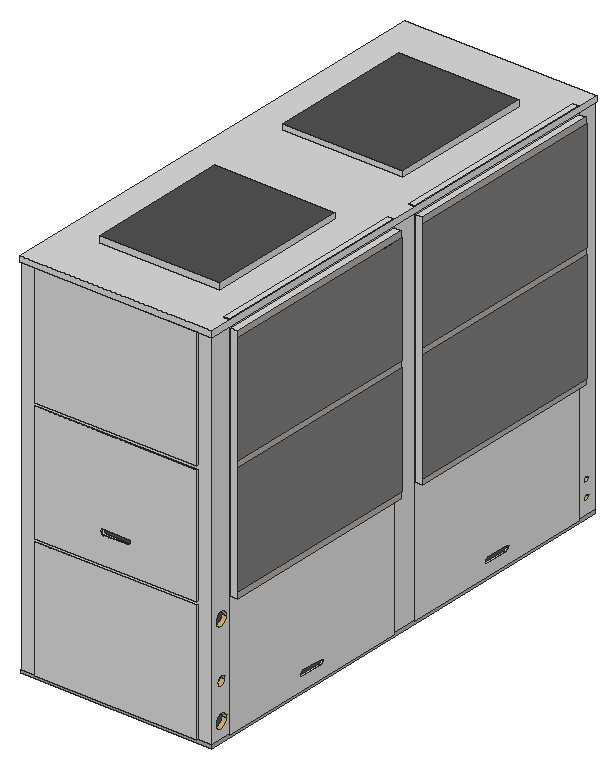
Revit family "Heat Pump-Vertical-Carrier-Packaged-Dual Blower-17.5-30 tons", category Mechanical Equipment, Revit 2019
Family settings
  Round Connector Dimension = Use Radius
  Part Type = Normal
  OmniClass Number = 23.75.10.21.17
  OmniClass Title = Water-Source Heat Pumps
  Work Plane-Based = No
  Always vertical = Yes
  Cut with Voids When Loaded = No
  Shared = No
  Room Calculation Point = No
Parameters (values of type "50VQP-210")
  Width = 80.000"
  Water Radius = 1"
  Water Pressure Drop [instance] = 0.00 psi
  Water Out Offset = 18.000"
  Water In Offset = 2.750"
  Water Hole Radius = Water Radius + 0.197"  # 1.197"
  Water Flow [instance] = 0 GPM
  Water Diameter = Water Radius * 2  # 2"
  Voltage [instance] = 208 V
  URL = "www.carrier.com"
  Top SA [instance] = yes
  SA Z Offset Label [instance] = if(Top SA, Height, Height - 2.000" - SA Height Label)  # 62.000"
  SA Y Offset TS = 6.000"
  SA X Offset TS = 9.000"
  SA X Offset Label [instance] = if(Top SA, SA X Offset TS, SA X Offset SS)  # 9.000"
  SA X Offset SS = 7.000"
  SA Width SS = 28"
  SA Width TS = 24"
  SA Width Label [instance] = if(Top SA, SA Width TS, SA Width SS)  # 24"
  SA Y Offset Label [instance] = if(and(Rear RA, not(Top SA)), Length + Length 23, if(and(Front RA, not(Top SA)), 0.000", SA Y Offset TS))  # 6.000"
  SA Height TS = 20"
  SA Height SS = 17 1/2"
  SA Height Label [instance] = if(Top SA, SA Height TS, SA Height SS)  # 20"
  Length 36 [instance] = if(Top SA, SA Width Label + 14.250", SA Width Label + 10.000")  # 38.250"
  Length 35 [instance] = if(Top SA, SA Width TS * 2 + 14.250", SA Width SS * 2 + 10.000")  # 62.250"
  Length 34 = 0.000" - Length 33  # -15.000"
  Length 33 = SA Width SS / 2 + 1.000"  # 15.000"
  Length 32 = ((Width - RA Width * 2 - 4.500") / 2) + RA Width / 2  # 20.750"
  Length 31 [instance] = if(Base Rail, Base Rail Height, 0.000")  # 0.500"
  Length 30 [instance] = Offset + if(Base Rail, Base Rail Height, 0.000")  # 0.500"
  Length 29 [instance] = if(Rear RA, Length, 0.000")  # 0.000"
  Length 28 [instance] = if(Top SA, Length 23, SA Height Label)  # 1.000"
  Length 27 [instance] = if(Top SA, SA Y Offset Label + Length 23, if(Rear RA, Length + Length 23, 0.000"))  # 7.000"
  Length 26 [instance] = if(Top SA, SA Height TS, Length 23)  # 20.000"
  Length 25 [instance] = if(Rear RA, 0.000", 0.000" - Width)  # -80.000"
  Length 24 [instance] = if(Rear RA, -0.500", 0.000" - (Width - 0.500"))  # -79.500"
  Front RA [instance] = not(Rear RA)  # yes
  Return Air Flow [instance] = 0 CFM
  RA Width = 34"
  RA Height = 38"
  RA Filter Width = RA Width  # 34.000"
  RA Filter Height = 40.000"
  RA Filter Depth = 1.230"
  Power Factor [instance] = 0.8
  Offset = 0.000"
  Number of Poles [instance] = 1
  Nominal Capacity = 210000.0 Btu/h
  Model = "50VQP"
  Manufacturer = "Carrier Corporation"
  Load Classification [instance] = HVAC
  Length 9 = 1.250"  # constant formula
  Length 7 = 0.000" - Length 6  # -17.000"
  Length 6 = RA Filter Width / 2  # 17.000"
  Length 4 = 0.000" - Length 3  # -36.250"
  Length 3 = (Width - 4 * Length 1) / 2  # 36.250"
  Length 5 [instance] = if(Clearance Zones, 0.000", 1.000")  # 1.000"
  Length 8 [instance] = Length 1  # 1.875"
  Length 23 = 1.000"  # constant formula
  Length 22 = (RA Height - 1.000") / 2  # 18.500"
  Length 21 = 0.000" - Length 20  # -12.250"
  Length 20 = Length / 2 - 2 * Length 1  # 12.250"
  Length 19 [instance] = if(Rear RA, 0.000", Width)  # 80.000"
  Length 2 = Length / 2  # 16.000"
  Length 18 [instance] = if(Rear RA, 0.100", 0.000")  # 0.000"
  Length 17 [instance] = if(Rear RA, 0.000", 0.100")  # 0.100"
  Length 16 [instance] = if(Rear RA, 50.000" + Width / 2, 50.000" - Width / 2 - RA Filter Depth)  # 8.770"
  Length 15 = 0.000" - Length 14  # -17.000"
  Length 14 = RA Width / 2  # 17.000"
  Length 12 = Length 9 + ((RA Filter Height - RA Height) / 2)  # 2.250"
  Length 11 = 0.000" - Length 10  # -17.000"
  Length 10 = RA Filter Width / 2  # 17.000"
  Length 1 = (Width - 2 * RA Filter Width - 4.500") / 4  # 1.875"
  Length = 32.000"
  Rear RA [instance] = no
  Knockout Radius = 0.500"
  Highlight Material 4 = Effect - Carrier - Black
  Highlight Material 3 = Metal - Carrier - Brass
  Highlight Material 2 = Metal - Carrier - Steel Galvanized
  Highlight Material 1 = Metal - Carrier - Finned
  Height = 62.000"
  Heating Capacity = 270000.0 Btu/h
  EER = 14.6
  Drain Radius = 5/8"
  Drain Offset = 8.750"
  Drain Hole Radius = Drain Radius + 0.197"  # 0.822"
  Drain Diameter = Drain Radius * 2  # 1 1/4"
  Cooling Capacity = 220000.0 Btu/h
  Clearance Back Label [instance] = if(Clearance Zones, Clearance Back, 0.000")  # 0.000"
  Clearance Zones [instance] = no
  Clearance Top Label [instance] = if(Clearance Zones, Clearance Top, 0.000")  # 0.000"
  Clearance Top [instance] = 6.000"
  Clearance Right Label [instance] = if(Clearance Zones, Clearance Right, 0.000")  # 0.000"
  Clearance Right [instance] = 6.000"
  Clearance Material = Clearance Zone
  Clearance Left Label [instance] = if(Clearance Zones, Clearance Left, 0.000")  # 0.000"
  Clearance Left [instance] = 6.000"
  Clearance Front Label [instance] = if(Clearance Zones, Clearance Front, 0.000")  # 0.000"
  Clearance Front [instance] = 36.000"
  Clearance Back [instance] = 6.000"
  Body Material = Metal - Carrier - White Paint Finish
  Base Rail Height [instance] = 0.500"
  Base Rail [instance] = yes
  Assembly Code = "D3050200"
  Apparent Load [instance] = 0 VA
  Angle 2 [instance] = if(Top SA, 0.00°, 90.00°)  # 0.00°
  Angle 1 [instance] = if(Rear RA, -90.00°, 90.00°)  # 90.00°
  Air Pressure Drop [instance] = 0.00 in-wg
Reference planes (in)
  plane 1 "Center (Front/Back)": y = 0
  plane 2: z = 0
  plane 3 "Center (Left/Right)": x = 0
  plane 4 "Back": x = -16
  plane 5 "Front": x = 16
  plane 6 "Right": y = 40
  plane 7 "Left": y = -40
  plane 8 "Bottom": z = 0.5
  plane 9 "Top": z = 62.5
  plane 10 "body top": z = 62.4
  plane 11 "handle 1 top": z = 3.5
  plane 12 "handle 1 bottom": z = 2.5
  plane 13 "handle 2 bottom": z = 23.5
  plane 14 "handle 2 top": z = 24.5
  plane 15 "frame right": y = 36.25
  plane 16 "frame left": y = 2.25
  plane 17 "body right": y = 39.9
  plane 18 "body left": y = -39.9
  plane 19 "body back": x = -15.9
  plane 20: x = 15.9
  plane 21 "elec KO 1 cl": z = 3.25
  plane 22 "elec KO 2": z = 6
  plane 23 "water in cl": z = 3.25
  plane 24 "drain cl": z = 9.25
  plane 25 "wtaer out cl": z = 18.5
  plane 26 "sa back": x = -10
  plane 27 "sa front": x = 10
  plane 28 "sa 1 right": y = -7
  plane 29 "sa 1 left": y = -31
  plane 30 "pivot": y = 50
  plane 31: y = 41.23
  plane 32: y = 40
  plane 33 "dummy 1": y = -40
  plane 34 "clearance right": y = 40
  plane 35 "clearance left": y = -40
  plane 36 "clearance front": x = 16
  plane 37: x = -16
  plane 38 "clearance top": z = 62.5
  plane 39 "panel bottom": z = 1.5
  plane 40 "lid bottom": z = 61.4
  plane 41: z = 6
  plane 42: y = 38.025
  plane 43: y = 40
  plane 44: y = -40
  plane 45: x = -16
  plane 46: x = 16
  plane 47: z = 62.5
  plane 48 "frame back": x = -13.5
  plane 49 "frame front": x = 13.5
  plane 50 "pnl cl 2": z = 20.8
  plane 51 "pnl cl 1": z = 41.1
  plane 52: z = 21.05
  plane 53: z = 20.55
  plane 54: z = 40.85
  plane 55: z = 41.35
  plane 56 "sa ref z": z = 62.5
  plane 57 "sa ref y": x = -10
  plane 58: z = 25.5
  plane 59: z = 26.5
  plane 60: z = 42.35
  plane 61: z = 43.35
  plane 62: x = -17
  plane 63 "ra dummy": x = 16
  plane 64 "Bottom Rail": z = 0
  plane 65 "2D Bottom": z = 0
  plane 66 "Reference Bottom": z = 0
  plane 67 "ra 1 cl": y = -19.25
  plane 68 "ra 2 cl": y = 19.25
  plane 69 "sa 2 left": y = 7.25
  plane 70 "sa 2 right": y = 31.25
  plane 71: y = -2.25
  plane 72: y = -36.25
Forms (in)
  Extrusion 1, solid, material "Metal - Carrier - White Paint Finish" <- "Body Material", detail levels medium+fine
    sketch origin (0, 0, 0) x (1, 0, 0) y (0, 1, 0)
      loop
        line (-15.9, 39.9) -> (-15.9, -39.9) -> (15.9, -39.9) -> (15.9, 39.9) -> (-15.9, 39.9)
    from 0.5 to 61.4
  Extrusion 2, solid, material "Metal - Carrier - White Paint Finish" <- "Body Material", detail levels fine
    sketch origin (0, -19.25, 62.5) x (1, 0, 0) y (0, 0, 1)
      loop
        line (-15.9, -1.1) -> (-16, -1.1) -> (-16, -21.15) -> (-15.9, -21.15) -> (-15.9, -1.1)
      loop
        line (-15.9, -62) -> (-15.9, -41.95) -> (-16, -41.95) -> (-16, -62) -> (-15.9, -62)
      loop
        line (-16, -41.45) -> (-15.9, -41.45) -> (-15.9, -21.65) -> (-16, -21.65) -> (-16, -41.45)
    from 15 <- "Length 33" to -15 <- "Length 34"
  Extrusion 3, solid, material "Metal - Carrier - White Paint Finish" <- "Body Material", detail levels fine
    sketch origin (0, -19.25, 62.5) x (1, 0, 0) y (0, 0, 1)
      loop
        line (15, -0.1) -> (15.9, -0.1) -> (15.9, -62) -> (16, -62) -> (16, 0) -> (15, 0) -> (15, -0.1)
    from 17 <- "Length 6" to -17 <- "Length 7"
  Extrusion 4, solid, material "Metal - Carrier - White Paint Finish" <- "Body Material", detail levels fine
    sketch origin (0, -19.25, 62.5) x (1, 0, 0) y (0, 0, 1)
      loop
        line (17.23, -1.25) -> (16, -1.25) -> (16, -41.25) -> (17.23, -41.25) -> (17.23, -1.25)
    from 17 <- "Length 10" to -17 <- "Length 11"
  Extrusion 5, solid, material "Metal - Carrier - Finned" <- "Highlight Material 1", detail levels fine
    sketch origin (0, -19.25, 62.5) x (1, 0, 0) y (0, 0, 1)
      loop
        line (17.33, -2.25) -> (17.23, -2.25) -> (17.23, -20.75) -> (17.33, -20.75) -> (17.33, -2.25)
      loop
        line (17.33, -40.25) -> (17.33, -21.75) -> (17.23, -21.75) -> (17.23, -40.25) -> (17.33, -40.25)
    from 17 <- "Length 14" to -17 <- "Length 15"
  Extrusion 6, solid, detail levels coarse
    sketch origin (0, 0, 0) x (1, 0, 0) y (0, 1, 0)
      loop
        line (-16, 40) -> (-16, -40) -> (16, -40) -> (16, 40) -> (-16, 40)
    from 0 to 62.5
  Extrusion 7, solid, detail levels coarse
    sketch origin (0, -19.25, 62.5) x (1, 0, 0) y (0, 0, 1)
      loop
        line (17.23, -1.25) -> (16, -1.25) -> (16, -41.25) -> (17.23, -41.25) -> (17.23, -1.25)
    from 17 <- "Length 10" to -17 <- "Length 11"
  Extrusion 8, solid, material "Metal - Carrier - White Paint Finish" <- "Body Material", detail levels medium
    sketch origin (0, -19.25, 62.5) x (1, 0, 0) y (0, 0, 1)
      loop
        line (17.13, -1.25) -> (15.9, -1.25) -> (15.9, -41.25) -> (17.13, -41.25) -> (17.13, -1.25)
    from 17 <- "Length 10" to -17 <- "Length 11"
  Extrusion 9, solid, material "Clearance Zone" <- "Clearance Material", visible <- "Clearance Zones"
    sketch origin (0, -19.25, 62.5) x (1, 0, 0) y (0, 1, 0)
      loop
        line (-15, 59.25) -> (-15, 58.25) -> (-16, 58.25) -> (-16, -19.75) -> (-15, -19.75) -> (-15, -20.75) -> (15, -20.75) -> (15, -19.75) -> (16, -19.75) -> (16, 58.25) -> (15, 58.25) -> (15, 59.25) -> (-15, 59.25)
    from -62.5 to 0
  Extrusion 10, solid, material "Metal - Carrier - White Paint Finish" <- "Body Material", detail levels medium+fine
    sketch origin (0, 0, 62.5) x (-1, 0, 0) y (0, -1, 0)
      loop
        line (16, -40) -> (16, 40) -> (-16, 40) -> (-16, -40) -> (16, -40)
    from -0.1 to -1.1
  Extrusion 11, void
    sketch origin (16, 48.47996, 48) x (0, 1, 0) y (0, 0, 1)
      loop
        circle (-86.50496, -44.75) r 1.197
      loop
        circle (-86.50496, -29.5) r 1.197
      loop
        circle (-10.45496, -44.75) r 0.5
      loop
        circle (-10.45496, -42) r 0.5
      loop
        circle (-86.50496, -38.75) r 0.822
    from 0 to -1
  Extrusion 12, solid, material "Metal - Carrier - White Paint Finish" <- "Body Material", detail levels fine
    sketch origin (16, 32.9787, 48) x (0, 1, 0) y (0, 0, 1)
      loop
        line (7.0213, 13.4) -> (-72.9787, 13.4) -> (-72.9787, -6.65) -> (7.0213, -6.65) -> (7.0213, 13.4)
      loop
        line (7.0213, -7.15) -> (-72.9787, -7.15) -> (-72.9787, -26.95) -> (7.0213, -26.95) -> (7.0213, -7.15)
      loop
        line (7.0213, -27.45) -> (-72.9787, -27.45) -> (-72.9787, -47.5) -> (7.0213, -47.5) -> (7.0213, -27.45)
    from -29.5 to -2.5
  Extrusion 13, solid, material "Effect - Carrier - Black" <- "Highlight Material 4", detail levels medium+fine
    sketch origin (-10, -31, 62.5) x (1, 0, 0) y (0, 0, -1)
      loop
        line (20, -1) -> (20, 0) -> (0, 0) -> (0, -1) -> (20, -1)
    from 0 to 62.25 <- "Length 35"
  Extrusion 14, void
    sketch origin (16, 48.47996, 48) x (0, -1, 0) y (0, 0, 1)
      loop
        line (69.72996, -44.5) -> (65.72996, -44.5)
        arc (65.72996, -44.5) -> (65.22996, -45) -> (65.72996, -45.5) r 0.5
        line (65.72996, -45.5) -> (69.72996, -45.5)
        arc (69.72996, -45.5) -> (70.22996, -45) -> (69.72996, -44.5) r 0.5
      loop
        line (31.22996, -44.5) -> (27.22996, -44.5)
        arc (27.22996, -44.5) -> (26.72996, -45) -> (27.22996, -45.5) r 0.5
        line (27.22996, -45.5) -> (31.22996, -45.5)
        arc (31.22996, -45.5) -> (31.72996, -45) -> (31.22996, -44.5) r 0.5
    from 0.5 to 0
  Extrusion 15, void
    sketch origin (0, 40, 0) x (-1, 0, 0) y (0, 0, 1)
      loop
        arc (-2, 26.5) -> (-2.5, 26) -> (-2, 25.5) r 0.5
        line (-2, 25.5) -> (2, 25.5)
        arc (2, 25.5) -> (2.5, 26) -> (2, 26.5) r 0.5
        line (2, 26.5) -> (-2, 26.5)
    from -79.5 <- "Length 24" to -80 <- "Length 25"
  Extrusion 16, void
    sketch origin (0, 40, 0) x (-1, 0, 0) y (0, 0, 1)
      loop
        arc (-2, 43.35) -> (-2.5, 42.85) -> (-2, 42.35) r 0.5
        line (-2, 42.35) -> (2, 42.35)
        arc (2, 42.35) -> (2.5, 42.85) -> (2, 43.35) r 0.5
        line (2, 43.35) -> (-2, 43.35)
    from 0 to -0.5
  Extrusion 17, solid, detail levels coarse
    sketch origin (-10, -31, 62.5) x (1, 0, 0) y (0, 0, -1)
      loop
        line (20, -1) -> (20, 0) -> (0, 0) -> (0, -1) -> (20, -1)
    from 0 to 62.25 <- "Length 35"
  Extrusion 18, solid, material "Metal - Carrier - Steel Galvanized" <- "Highlight Material 2", visible <- "Base Rail", detail levels medium+fine
    sketch origin (0, 0, 0.5) x (-1, 0, 0) y (0, -1, 0)
      loop
        line (16, -39.9) -> (16, 39.9) -> (-15.9, 39.9) -> (-15.9, -39.9) -> (16, -39.9)
    from 0 to -0.5
  Extrusion 19, solid, material "Metal - Carrier - White Paint Finish" <- "Body Material", detail levels fine
    sketch origin (0, 19.25, 62.5) x (1, 0, 0) y (0, 0, 1)
      loop
        line (15, -0.1) -> (15.9, -0.1) -> (15.9, -62) -> (16, -62) -> (16, 0) -> (15, 0) -> (15, -0.1)
    from 17 <- "Length 6" to -17 <- "Length 7"
  Extrusion 20, solid, material "Metal - Carrier - White Paint Finish" <- "Body Material", detail levels fine
    sketch origin (0, 19.25, 62.5) x (1, 0, 0) y (0, 0, 1)
      loop
        line (17.23, -1.25) -> (16, -1.25) -> (16, -41.25) -> (17.23, -41.25) -> (17.23, -1.25)
    from 17 <- "Length 10" to -17 <- "Length 11"
  Extrusion 21, solid, material "Metal - Carrier - Finned" <- "Highlight Material 1", detail levels fine
    sketch origin (0, 19.25, 62.5) x (1, 0, 0) y (0, 0, 1)
      loop
        line (17.33, -2.25) -> (17.23, -2.25) -> (17.23, -20.75) -> (17.33, -20.75) -> (17.33, -2.25)
      loop
        line (17.33, -40.25) -> (17.33, -21.75) -> (17.23, -21.75) -> (17.23, -40.25) -> (17.33, -40.25)
    from 17 <- "Length 14" to -17 <- "Length 15"
  Extrusion 22, solid, detail levels coarse
    sketch origin (0, 19.25, 62.5) x (1, 0, 0) y (0, 0, 1)
      loop
        line (17.23, -1.25) -> (16, -1.25) -> (16, -41.25) -> (17.23, -41.25) -> (17.23, -1.25)
    from 17 <- "Length 10" to -17 <- "Length 11"
  Extrusion 23, solid, material "Metal - Carrier - White Paint Finish" <- "Body Material", detail levels medium
    sketch origin (0, 19.25, 62.5) x (1, 0, 0) y (0, 0, 1)
      loop
        line (17.13, -1.25) -> (15.9, -1.25) -> (15.9, -41.25) -> (17.13, -41.25) -> (17.13, -1.25)
    from 17 <- "Length 10" to -17 <- "Length 11"
  Extrusion 24, solid, material "Metal - Carrier - White Paint Finish" <- "Body Material", detail levels fine
    sketch origin (0, 19.25, 62.5) x (1, 0, 0) y (0, 0, 1)
      loop
        line (-15.9, -1.1) -> (-16, -1.1) -> (-16, -21.15) -> (-15.9, -21.15) -> (-15.9, -1.1)
      loop
        line (-15.9, -62) -> (-15.9, -41.95) -> (-16, -41.95) -> (-16, -62) -> (-15.9, -62)
      loop
        line (-16, -41.45) -> (-15.9, -41.45) -> (-15.9, -21.65) -> (-16, -21.65) -> (-16, -41.45)
    from 15 <- "Length 33" to -15 <- "Length 34"
  Extrusion 25, void
    sketch origin (-10, -31, 62.5) x (1, 0, 0) y (0, 0, -1)
      loop
        line (20, -1) -> (20, 0) -> (0, 0) -> (0, -1) -> (20, -1)
    from 38.25 <- "Length 36" to 24 <- "SA Width Label"
Cuts and joins
  Extrusion 11, Extrusion 14, Extrusion 15, Extrusion 16 cuts Extrusion 1
  Extrusion 14 cuts Extrusion 3
  Extrusion 14 cuts Extrusion 2
  Extrusion 15, Extrusion 16 cuts Extrusion 12
  Extrusion 14 cuts Extrusion 19
  Extrusion 25 cuts Extrusion 13
  Extrusion 25 cuts Extrusion 17
Lines and regions (in)
  Masking region 1
    outline origin (0, 0, 61.4) x (0, -1, 0) y (1, 0, 0)
      loop
        line (-40, -16) -> (40, -16) -> (40, 16) -> (-40, 16) -> (-40, -16)
  Masking region 2, detail levels coarse+fine
    outline origin (0, -19.25, 62.5) x (1, 0, 0) y (0, 1, 0)
      loop
        line (16, 17) -> (16, -17) -> (17.23, -17) -> (17.23, 17) -> (16, 17)
  Masking region 3, detail levels fine
    outline origin (0, -19.25, 62.5) x (1, 0, 0) y (0, 1, 0)
      loop
        line (15, 17) -> (15, -17) -> (16, -17) -> (16, 17) -> (15, 17)
  Masking region 4, detail levels medium
    outline origin (0, -19.25, 62.5) x (1, 0, 0) y (0, 1, 0)
      loop
        line (17.23, -17) -> (17.23, 17) -> (16, 17) -> (16, -17) -> (17.23, -17)
  Masking region 5, detail levels coarse
    outline origin (0, 0, 0) x (0, 1, 0) y (0, 0, 1)
      loop
        line (-40, 0) -> (40, 0) -> (40, 62.5) -> (-40, 62.5) -> (-40, 0)
  Masking region 6
    outline origin (0, 0, 0) x (0, 1, 0) y (0, 0, 1)
      loop
        line (-31, 63.5) -> (-31, 62.5) -> (-7, 62.5) -> (-7, 63.5) -> (-31, 63.5)
      loop
        line (7.25, 63.5) -> (7.25, 62.5) -> (31.25, 62.5) -> (31.25, 63.5) -> (7.25, 63.5)
  Masking region 7, detail levels medium+fine
    outline origin (0, 0, 0) x (0, 1, 0) y (0, 0, 1)
      loop
        line (-39.9, 61.4) -> (-39.9, 0.5) -> (39.9, 0.5) -> (39.9, 61.4) -> (40, 61.4) -> (40, 62.4) -> (-40, 62.4) -> (-40, 61.4) -> (-39.9, 61.4)
  Masking region 8, detail levels fine
    outline origin (0, 0, 0) x (0, 1, 0) y (0, 0, 1)
      loop
        line (-40, 61.4) -> (-40, 41.35) -> (-39.9, 41.35) -> (-39.9, 61.4) -> (-40, 61.4)
      loop
        line (-40, 40.85) -> (-40, 21.05) -> (-39.9, 21.05) -> (-39.9, 40.85) -> (-40, 40.85)
      loop
        line (-40, 20.55) -> (-40, 0.5) -> (-39.9, 0.5) -> (-39.9, 20.55) -> (-40, 20.55)
      loop
        line (39.9, 61.4) -> (39.9, 41.35) -> (40, 41.35) -> (40, 61.4) -> (39.9, 61.4)
      loop
        line (39.9, 40.85) -> (39.9, 21.05) -> (40, 21.05) -> (40, 40.85) -> (39.9, 40.85)
      loop
        line (39.9, 20.55) -> (39.9, 0.5) -> (40, 0.5) -> (40, 20.55) -> (39.9, 20.55)
  Masking region 9
    outline origin (0, 0, 62.5) x (-1, 0, 0) y (0, -1, 0)
      loop
        line (10, 7) -> (10, 31) -> (-10, 31) -> (-10, 7) -> (10, 7)
      loop
        line (10, -31.25) -> (10, -7.25) -> (-10, -7.25) -> (-10, -31.25) -> (10, -31.25)
  Masking region 10, detail levels fine
    outline origin (0, 0, 0) x (0, 1, 0) y (0, 0, 1)
      loop
        line (2.25, 62.5) -> (2.25, 62.4) -> (36.25, 62.4) -> (36.25, 62.5) -> (2.25, 62.5)
      loop
        line (-36.25, 62.5) -> (-36.25, 62.4) -> (-2.25, 62.4) -> (-2.25, 62.5) -> (-36.25, 62.5)
  Masking region 11
    outline origin (16, 0, 0) x (0, 1, 0) y (0, 0, 1)
      loop
        line (2.25, 61.25) -> (2.25, 21.25) -> (36.25, 21.25) -> (36.25, 61.25) -> (2.25, 61.25)
      loop
        line (-36.25, 61.25) -> (-36.25, 21.25) -> (-2.25, 21.25) -> (-2.25, 61.25) -> (-36.25, 61.25)
  Masking region 12, detail levels coarse
    outline origin (0, 0, 0) x (1, 0, 0) y (0, 0, 1)
      loop
        line (-16, 62.5) -> (-16, 0) -> (16, 0) -> (16, 62.5) -> (-16, 62.5)
  Masking region 13, detail levels medium+fine
    outline origin (0, 0, 0) x (1, 0, 0) y (0, 0, 1)
      loop
        line (-16, 62.4) -> (-16, 61.4) -> (-15.9, 61.4) -> (-15.9, 0.5) -> (15.9, 0.5) -> (15.9, 61.4) -> (16, 61.4) -> (16, 62.4) -> (-16, 62.4)
  Masking region 14
    outline origin (-10, -31, 62.5) x (1, 0, 0) y (0, 0, -1)
      loop
        line (20, -1) -> (20, 0) -> (0, 0) -> (0, -1) -> (20, -1)
  Masking region 15
    outline origin (0, -19.25, 62.5) x (1, 0, 0) y (0, 0, 1)
      loop
        line (17.13, -1.25) -> (15.9, -1.25) -> (15.9, -41.25) -> (17.13, -41.25) -> (17.13, -1.25)
  Masking region 16, detail levels fine
    outline origin (0, 0, 0) x (1, 0, 0) y (0, 0, 1)
      loop
        line (-15.9, 40.85) -> (-16, 40.85) -> (-16, 21.05) -> (-15.9, 21.05) -> (-15.9, 40.85)
      loop
        line (15.9, 40.85) -> (15.9, 21.05) -> (16, 21.05) -> (16, 40.85) -> (15.9, 40.85)
      loop
        line (-15.9, 20.55) -> (-16, 20.55) -> (-16, 0.5) -> (-15.9, 0.5) -> (-15.9, 20.55)
      loop
        line (15.9, 20.55) -> (15.9, 0.5) -> (16, 0.5) -> (16, 20.55) -> (15.9, 20.55)
      loop
        line (-15.9, 61.4) -> (-16, 61.4) -> (-16, 41.35) -> (-15.9, 41.35) -> (-15.9, 61.4)
      loop
        line (15.9, 61.4) -> (15.9, 41.35) -> (16, 41.35) -> (16, 61.4) -> (15.9, 61.4)
  Masking region 17, visible <- "Base Rail", detail levels medium+fine
    outline origin (0, 0, 0) x (0, 1, 0) y (0, 0, 1)
      loop
        line (39.9, 0.5) -> (-39.9, 0.5) -> (-39.9, 0) -> (39.9, 0) -> (39.9, 0.5)
  Masking region 18, visible <- "Base Rail", detail levels medium+fine
    outline origin (0, 0, 0) x (1, 0, 0) y (0, 0, 1)
      loop
        line (-15.9, 0.5) -> (-15.9, 0) -> (15.9, 0) -> (15.9, 0.5) -> (-15.9, 0.5)
  Masking region 19, detail levels coarse+fine
    outline origin (0, 19.25, 62.5) x (1, 0, 0) y (0, 1, 0)
      loop
        line (16, 17) -> (16, -17) -> (17.23, -17) -> (17.23, 17) -> (16, 17)
  Masking region 20, detail levels fine
    outline origin (0, 19.25, 62.5) x (1, 0, 0) y (0, 1, 0)
      loop
        line (15, 17) -> (15, -17) -> (16, -17) -> (16, 17) -> (15, 17)
  Masking region 21, detail levels medium
    outline origin (0, 19.25, 62.5) x (1, 0, 0) y (0, 1, 0)
      loop
        line (17.23, -17) -> (17.23, 17) -> (16, 17) -> (16, -17) -> (17.23, -17)
  reference lines, not visible
    curve 1: line (0, -19.25, 62.5) -> (16, -19.25, 62.5)
    curve 16: line (-10, -31, 62.5) -> (10, -31, 62.5)
    curve 74: line (0, 19.25, 62.5) -> (16, 19.25, 62.5)
  symbolic lines, detail levels medium+fine
    curve 2: spline (16, -38.025, 4.447) -> (16, -38.33481, 4.40621) -> (16, -38.6235, 4.28663) -> (16, -38.87141, 4.09641) -> (16, -39.06163, 3.8485) -> (16, -39.18121, 3.55981) -> (16, -39.222, 3.25) -> (16, -39.18121, 2.94019) -> (16, -39.06163, 2.6515) -> (16, -38.87141, 2.40359) -> (16, -38.6235, 2.21337) -> (16, -38.33481, 2.09379) -> (16, -38.025, 2.053) -> (16, -37.71519, 2.09379) -> (16, -37.4265, 2.21337) -> (16, -37.17859, 2.40359) -> (16, -36.98837, 2.6515) -> (16, -36.86879, 2.94019) -> (16, -36.828, 3.25) -> (16, -36.86879, 3.55981) -> (16, -36.98837, 3.8485) -> (16, -37.17859, 4.09641) -> (16, -37.4265, 4.28663) -> (16, -37.71519, 4.40621) -> (16, -38.025, 4.447)
    curve 3: spline (16, -38.025, 19.697) -> (16, -38.33481, 19.65621) -> (16, -38.6235, 19.53663) -> (16, -38.87141, 19.34641) -> (16, -39.06163, 19.0985) -> (16, -39.18121, 18.80981) -> (16, -39.222, 18.5) -> (16, -39.18121, 18.19019) -> (16, -39.06163, 17.9015) -> (16, -38.87141, 17.65359) -> (16, -38.6235, 17.46337) -> (16, -38.33481, 17.34379) -> (16, -38.025, 17.303) -> (16, -37.71519, 17.34379) -> (16, -37.4265, 17.46337) -> (16, -37.17859, 17.65359) -> (16, -36.98837, 17.9015) -> (16, -36.86879, 18.19019) -> (16, -36.828, 18.5) -> (16, -36.86879, 18.80981) -> (16, -36.98837, 19.0985) -> (16, -37.17859, 19.34641) -> (16, -37.4265, 19.53663) -> (16, -37.71519, 19.65621) -> (16, -38.025, 19.697)
    curve 13: circle (16, -38.025, 9.25) r 0.822 normal (1, 0, 0)
    curve 14: circle (16, 38.025, 6) r 0.5 normal (1, 0, 0)
    curve 15: circle (16, 38.025, 3.25) r 0.5 normal (1, 0, 0)
    curve 53: line (-15.9, 0, 61.4) -> (15.9, 0, 61.4)
    curve 66: line (-2, 40, 42.35) -> (2, 40, 42.35)
    curve 67: arc (2, 40, 42.35) -> (2.5, 40, 42.85) -> (2, 40, 43.35) r 0.5
    curve 68: line (2, 40, 43.35) -> (-2, 40, 43.35)
    curve 69: arc (-2, 40, 43.35) -> (-2.5, 40, 42.85) -> (-2, 40, 42.35) r 0.5
    curve 70: line (-2, -40, 25.5) -> (2, -40, 25.5)
    curve 71: arc (2, -40, 25.5) -> (2.5, -40, 26) -> (2, -40, 26.5) r 0.5
    curve 72: line (2, -40, 26.5) -> (-2, -40, 26.5)
    curve 73: arc (-2, -40, 26.5) -> (-2.5, -40, 26) -> (-2, -40, 25.5) r 0.5
  symbolic lines, style "Clearance Zones", visible <- "Clearance Zones"
    curve 4: line (-16, -40, 0) -> (-16, -40, 62.5)
    curve 5: line (-16, -40, 62.5) -> (16, -40, 62.5)
    curve 6: line (16, -40, 62.5) -> (16, -40, 0)
    curve 7: line (-16, -40, 0) -> (16, -40, 0)
    curve 8: line (0, 40, 62.5) -> (0, -40, 62.5)
    curve 9: line (0, 40, 0) -> (0, 40, 62.5)
    curve 10: line (0, -40, 0) -> (0, 40, 0)
    curve 11: line (0, -40, 62.5) -> (0, -40, 0)
    curve 17: line (-15, -39, 0) -> (-15, -40, 0)
    curve 18: line (-15, -40, 0) -> (15, -40, 0)
    curve 19: line (15, -40, 0) -> (15, -39, 0)
    curve 20: line (15, -39, 0) -> (16, -39, 0)
    curve 21: line (16, -39, 0) -> (16, 39, 0)
    curve 22: line (16, 39, 0) -> (15, 39, 0)
    curve 23: line (15, 39, 0) -> (15, 40, 0)
    curve 24: line (15, 40, 0) -> (-15, 40, 0)
    curve 25: line (-15, 40, 0) -> (-15, 39, 0)
    curve 26: line (-15, 39, 0) -> (-16, 39, 0)
    curve 27: line (-16, 39, 0) -> (-16, -39, 0)
    curve 28: line (-16, -39, 0) -> (-15, -39, 0)
  symbolic lines, style "MechanicalEquipment", detail levels medium+fine
    curve 12: line (16, -39.9, 61.4) -> (16, 39.9, 61.4)
  symbolic lines, detail levels fine
    curve 29: line (0, -34.25, 61.4) -> (0, -4.25, 61.4)
    curve 30: line (0, -4.25, 61.4) -> (0, -4.25, 41.35)
    curve 31: line (0, -4.25, 41.35) -> (0, -34.25, 41.35)
    curve 32: line (0, -34.25, 41.35) -> (0, -34.25, 61.4)
    curve 33: line (0, -34.25, 21.05) -> (0, -34.25, 40.85)
    curve 34: line (0, -34.25, 40.85) -> (0, -4.25, 40.85)
    curve 35: line (0, -4.25, 40.85) -> (0, -4.25, 21.05)
    curve 36: line (0, -4.25, 21.05) -> (0, -34.25, 21.05)
    curve 37: line (0, -34.25, 0.5) -> (0, -34.25, 20.55)
    curve 38: line (0, -34.25, 20.55) -> (0, -4.25, 20.55)
    curve 39: line (0, -4.25, 20.55) -> (0, -4.25, 0.5)
    curve 40: line (0, -4.25, 0.5) -> (0, -34.25, 0.5)
    curve 41: line (16, -17.25, 2.5) -> (16, -21.25, 2.5)
    curve 42: arc (16, -21.25, 2.5) -> (16, -21.75, 3) -> (16, -21.25, 3.5) r 0.5
    curve 43: line (16, -21.25, 3.5) -> (16, -17.25, 3.5)
    curve 44: arc (16, -17.25, 3.5) -> (16, -16.75, 3) -> (16, -17.25, 2.5) r 0.5
    curve 45: line (16, 3.25, 60.25) -> (16, 35.25, 60.25)
    curve 46: line (16, 3.25, 41.75) -> (16, 3.25, 60.25)
    curve 47: line (16, 35.25, 41.75) -> (16, 3.25, 41.75)
    curve 48: line (16, 35.25, 60.25) -> (16, 35.25, 41.75)
    curve 49: line (16, 3.25, 40.75) -> (16, 35.25, 40.75)
    curve 50: line (16, 3.25, 22.25) -> (16, 3.25, 40.75)
    curve 51: line (16, 35.25, 22.25) -> (16, 3.25, 22.25)
    curve 52: line (16, 35.25, 40.75) -> (16, 35.25, 22.25)
    curve 54: line (-13.5, 0, 61.4) -> (-13.5, 0, 41.35)
    curve 55: line (-13.5, 0, 41.35) -> (13.5, 0, 41.35)
    curve 56: line (13.5, 0, 41.35) -> (13.5, 0, 61.4)
    curve 57: line (13.5, 0, 61.4) -> (-13.5, 0, 61.4)
    curve 58: line (-13.5, 0, 40.85) -> (-13.5, 0, 21.05)
    curve 59: line (-13.5, 0, 21.05) -> (13.5, 0, 21.05)
    curve 60: line (13.5, 0, 21.05) -> (13.5, 0, 40.85)
    curve 61: line (13.5, 0, 40.85) -> (-13.5, 0, 40.85)
    curve 62: line (-13.5, 0, 20.55) -> (-13.5, 0, 0.5)
    curve 63: line (-13.5, 0, 0.5) -> (13.5, 0, 0.5)
    curve 64: line (13.5, 0, 0.5) -> (13.5, 0, 20.55)
    curve 65: line (13.5, 0, 20.55) -> (-13.5, 0, 20.55)
    curve 75: line (16, -35.25, 60.25) -> (16, -3.25, 60.25)
    curve 76: line (16, -35.25, 41.75) -> (16, -35.25, 60.25)
    curve 77: line (16, -3.25, 41.75) -> (16, -35.25, 41.75)
    curve 78: line (16, -3.25, 60.25) -> (16, -3.25, 41.75)
    curve 79: line (16, -35.25, 40.75) -> (16, -3.25, 40.75)
    curve 80: line (16, -35.25, 22.25) -> (16, -35.25, 40.75)
    curve 81: line (16, -3.25, 22.25) -> (16, -35.25, 22.25)
    curve 82: line (16, -3.25, 40.75) -> (16, -3.25, 22.25)
    curve 83: line (0, 4.25, 0.5) -> (0, 4.25, 20.55)
    curve 84: line (0, 4.25, 20.55) -> (0, 34.25, 20.55)
    curve 85: line (0, 34.25, 20.55) -> (0, 34.25, 0.5)
    curve 86: line (0, 34.25, 0.5) -> (0, 4.25, 0.5)
    curve 87: line (16, 21.25, 2.5) -> (16, 17.25, 2.5)
    curve 88: arc (16, 17.25, 2.5) -> (16, 16.75, 3) -> (16, 17.25, 3.5) r 0.5
    curve 89: line (16, 17.25, 3.5) -> (16, 21.25, 3.5)
    curve 90: arc (16, 21.25, 3.5) -> (16, 21.75, 3) -> (16, 21.25, 2.5) r 0.5
    curve 91: line (0, 4.25, 61.4) -> (0, 34.25, 61.4)
    curve 92: line (0, 34.25, 61.4) -> (0, 34.25, 41.35)
    curve 93: line (0, 34.25, 41.35) -> (0, 4.25, 41.35)
    curve 94: line (0, 4.25, 41.35) -> (0, 4.25, 61.4)
    curve 95: line (0, 4.25, 21.05) -> (0, 4.25, 40.85)
    curve 96: line (0, 4.25, 40.85) -> (0, 34.25, 40.85)
    curve 97: line (0, 34.25, 40.85) -> (0, 34.25, 21.05)
    curve 98: line (0, 34.25, 21.05) -> (0, 4.25, 21.05)
Dimensions and locks (in)
  equal spacing: plane 4 "Back", plane 3 "Center (Left/Right)", plane 5 "Front"
  "Length": plane 4 "Back" to plane 5 "Front"
  equal spacing: plane 6 "Right", plane 1 "Center (Front/Back)", plane 7 "Left"
  "Width": plane 6 "Right" to plane 7 "Left"
  "Height": plane 9 "Top" to plane 8 "Bottom"
  locked: plane 9 "Top" to plane 10 "body top" at 0.1
  locked: plane 11 "handle 1 top" to plane 12 "handle 1 bottom" at 1
  locked: plane 14 "handle 2 top" to plane 13 "handle 2 bottom" at 1
  locked: plane 6 "Right" to plane 17 "body right" at 0.1
  locked: plane 18 "body left" to plane 7 "Left" at 0.1
  locked: plane 4 "Back" to plane 19 "body back" at 0.1
  locked: plane 20 to plane 5 "Front" at 0.1
  "Water In Offset": plane 21 "elec KO 1 cl" to plane 8 "Bottom"
  "Water In Offset": plane 23 "water in cl" to plane 8 "Bottom"
  "Drain Offset": plane 24 "drain cl" to plane 8 "Bottom"
  "Water Out Offset": plane 25 "wtaer out cl" to plane 8 "Bottom"
  "SA Height Label": plane 26 "sa back" to plane 27 "sa front"
  "SA Width Label": plane 28 "sa 1 right" to plane 29 "sa 1 left"
  "Length 2": curve 1 to curve 1
  locked: Extrusion 2 sketch curve to Extrusion 2 sketch curve at 0.1
  "Length 2": Extrusion 2 sketch curve to curve 1
  locked: Extrusion 3 sketch curve to Extrusion 3 sketch curve at 0.1  (x2)
  "RA Filter Depth": Extrusion 4 sketch curve to Extrusion 4 sketch curve
  "Length 9": curve 1 to Extrusion 4 sketch curve
  "RA Filter Height": Extrusion 4 sketch curve to Extrusion 4 sketch curve
  locked: Extrusion 5 sketch curve to Extrusion 5 sketch curve at 0.1
  "Length 12": curve 1 to Extrusion 5 sketch curve
  "RA Height": Extrusion 5 sketch curve to Extrusion 5 sketch curve
  "RA Filter Depth": curve 1 to Extrusion 5 sketch curve
  "RA Filter Depth": Extrusion 7 sketch curve to Extrusion 7 sketch curve
  "RA Filter Height": Extrusion 7 sketch curve to Extrusion 7 sketch curve
  "RA Filter Depth": Extrusion 8 sketch curve to Extrusion 8 sketch curve
  "RA Filter Height": Extrusion 8 sketch curve to Extrusion 8 sketch curve
  "Length 9": Extrusion 7 sketch curve to curve 1
  locked: plane 1 "Center (Front/Back)" to plane 30 "pivot" at 50
  "RA Filter Depth": plane 32 to plane 31
  "Length 16": plane 31 to plane 30 "pivot"
  "Length 1": plane 18 "body left" to curve 2
  "Water Hole Radius": curve 2 to curve 2  (x2)
  "Water Hole Radius": curve 3 to curve 3  (x2)
  "Length 1": plane 18 "body left" to curve 3
  "Length 19": plane 6 "Right" to plane 33 "dummy 1"
  "Clearance Back Label": plane 37 to plane 45
  "Clearance Front Label": plane 46 to plane 36 "clearance front"
  "Clearance Left Label": plane 44 to plane 35 "clearance left"
  "Clearance Right Label": plane 34 "clearance right" to plane 43
  "Clearance Top Label": plane 38 "clearance top" to plane 47
  "Length 9": Extrusion 8 sketch curve to plane 9 "Top"
  locked: plane 39 "panel bottom" to plane 8 "Bottom" at 1
  locked: plane 12 "handle 1 bottom" to plane 39 "panel bottom" at 1
  locked: plane 10 "body top" to plane 40 "lid bottom" at 1
  locked: Extrusion 3 sketch curve to Extrusion 3 sketch curve at 1
  "Length 1": plane 18 "body left" to Extrusion 11 sketch curve  (x2)
  "Water In Offset": plane 41 to plane 23 "water in cl"
  "Length 1": plane 42 to plane 17 "body right"
  "Water In Offset": plane 22 "elec KO 2" to plane 21 "elec KO 1 cl"
  "Length 8": plane 18 "body left" to Extrusion 11 sketch curve
  "SA Y Offset Label": plane 4 "Back" to plane 26 "sa back"
  locked: Extrusion 5 sketch curve to Extrusion 5 sketch curve at 1
  "Length 22": Extrusion 5 sketch curve to Extrusion 5 sketch curve
  locked: plane 4 "Back" to plane 48 "frame back" at 2.5
  locked: plane 49 "frame front" to plane 5 "Front" at 2.5
  equal spacing: plane 40 "lid bottom", plane 51 "pnl cl 1", plane 50 "pnl cl 2", plane 8 "Bottom"
  locked: plane 55 to plane 51 "pnl cl 1" at 0.25
  locked: plane 51 "pnl cl 1" to plane 54 at 0.25
  locked: plane 52 to plane 50 "pnl cl 2" at 0.25
  locked: plane 50 "pnl cl 2" to plane 53 at 0.25
  "SA Y Offset Label": plane 57 "sa ref y" to plane 4 "Back"
  "SA Z Offset Label": plane 56 "sa ref z" to plane 8 "Bottom"
  "SA Height Label": curve 16 to curve 16
  "SA X Offset Label": plane 29 "sa 1 left" to plane 7 "Left"
  "Length 23": Extrusion 13 sketch curve to Extrusion 13 sketch curve
  locked: plane 58 to plane 59 at 1
  locked: plane 14 "handle 2 top" to plane 58 at 1
  locked: Extrusion 15 sketch curve to plane 3 "Center (Left/Right)" at 2
  locked: plane 3 "Center (Left/Right)" to Extrusion 15 sketch curve at 2
  locked: plane 60 to plane 61 at 1
  locked: plane 55 to plane 60 at 1
  locked: Extrusion 16 sketch curve to plane 3 "Center (Left/Right)" at 2
  locked: plane 3 "Center (Left/Right)" to Extrusion 16 sketch curve at 2
  "Length 5": plane 6 "Right" to curve 26
  "Length 5": plane 7 "Left" to curve 28
  "Length 5": plane 4 "Back" to curve 25
  "Length 5": curve 23 to plane 5 "Front"
  "Length 26": Masking region 9 sketch curve to Masking region 9 sketch curve
  "Length 23": plane 62 to plane 4 "Back"
  "Length 27": plane 62 to Masking region 9 sketch curve
  "Length 28": Masking region 6 sketch curve to Masking region 6 sketch curve
  locked: Masking region 10 sketch curve to Masking region 10 sketch curve at 0.1
  locked: Masking region 8 sketch curve to Masking region 8 sketch curve at 0.1  (x2)
  "Length 29": plane 63 "ra dummy" to plane 5 "Front"
  "Length 9": Masking region 11 sketch curve to plane 9 "Top"
  "RA Filter Height": Masking region 11 sketch curve to Masking region 11 sketch curve
  locked: curve 51 to Masking region 11 at 1
  locked: curve 45 to Masking region 11 at 1
  locked: Masking region 11 to curve 50 at 1
  locked: curve 52 to Masking region 11 at 1
  "Length 22": curve 51 to curve 49
  locked: curve 47 to curve 49 at 1
  "Length 23": Extrusion 17 sketch curve to Extrusion 17 sketch curve
  "Length 30": plane 8 "Bottom" to plane 2
  "Base Rail Height": plane 8 "Bottom" to plane 64 "Bottom Rail"
  locked: plane 13 "handle 2 bottom" to plane 52 at 2.45
  "Length 31": plane 8 "Bottom" to plane 65 "2D Bottom"
  "Length 32": plane 67 "ra 1 cl" to plane 7 "Left"
  "Length 32": plane 6 "Right" to plane 68 "ra 2 cl"
  locked: plane 4 "Back" to cut or joined group of Extrusion 1, Extrusion 11, Extrusion 14, Extrusion 15, Extrusion 16 at 0.1
  "Length 2": curve 74 to curve 74
  locked: Extrusion 19 sketch curve to Extrusion 19 sketch curve at 0.1  (x2)
  "RA Filter Depth": Extrusion 20 sketch curve to Extrusion 20 sketch curve
  "Length 9": curve 74 to Extrusion 20 sketch curve
  "RA Filter Height": Extrusion 20 sketch curve to Extrusion 20 sketch curve
  locked: Extrusion 21 sketch curve to Extrusion 21 sketch curve at 0.1
  "Length 12": curve 74 to Extrusion 21 sketch curve
  "RA Height": Extrusion 21 sketch curve to Extrusion 21 sketch curve
  "RA Filter Depth": curve 74 to Extrusion 21 sketch curve
  "RA Filter Depth": Extrusion 22 sketch curve to Extrusion 22 sketch curve
  "RA Filter Height": Extrusion 22 sketch curve to Extrusion 22 sketch curve
  "RA Filter Depth": Extrusion 23 sketch curve to Extrusion 23 sketch curve
  "RA Filter Height": Extrusion 23 sketch curve to Extrusion 23 sketch curve
  "Length 9": Extrusion 22 sketch curve to curve 74
  locked: Extrusion 19 sketch curve to Extrusion 19 sketch curve at 1
  locked: Extrusion 21 sketch curve to Extrusion 21 sketch curve at 1
  "Length 22": Extrusion 21 sketch curve to Extrusion 21 sketch curve
  locked: Extrusion 24 sketch curve to Extrusion 24 sketch curve at 0.1
  locked: Extrusion 14 sketch curve to plane 67 "ra 1 cl" at 2
  locked: plane 67 "ra 1 cl" to Extrusion 14 sketch curve at 2
  locked: Extrusion 14 sketch curve to plane 68 "ra 2 cl" at 2
  locked: plane 68 "ra 2 cl" to Extrusion 14 sketch curve at 2
  "Length 23": Extrusion 25 sketch curve to Extrusion 25 sketch curve
  equal spacing: plane 70 "sa 2 right", plane 68 "ra 2 cl", plane 69 "sa 2 left"
  "SA Width Label": plane 70 "sa 2 right" to plane 69 "sa 2 left"
  equal spacing: plane 15 "frame right", plane 68 "ra 2 cl", plane 16 "frame left"
  "Length 6": plane 15 "frame right" to plane 68 "ra 2 cl"
  equal spacing: plane 71, plane 67 "ra 1 cl", plane 72
  "Length 6": plane 67 "ra 1 cl" to plane 72
  "Length 22": curve 81 to curve 79
  locked: curve 77 to curve 79 at 1
  "Water Hole Radius": radius of Extrusion 11 sketch curve  (x2)
  "Knockout Radius": radius of Extrusion 11 sketch curve  (x2)
  "Drain Hole Radius": radius of Extrusion 11 sketch curve
  "Angle 1": angle plane 3 "Center (Left/Right)" to curve 1
  angle plane 56 "sa ref z" to curve 16 = 0.00°
  "Angle 2": angle plane 56 "sa ref z" to curve 16
  "Angle 1": angle plane 3 "Center (Left/Right)" to curve 74
  aligned and locked: plane 2 to level
  aligned and locked: Extrusion 1 sketch curve to plane 17 "body right"
  aligned and locked: Extrusion 1 sketch curve to plane 18 "body left"
  aligned and locked: Extrusion 1 sketch curve to plane 20
  aligned and locked: Extrusion 1 sketch curve to plane 19 "body back"
  aligned and locked: Extrusion 1 to plane 8 "Bottom"
  aligned and locked: plane 3 "Center (Left/Right)" to curve 1
  aligned and locked: curve 1 to Extrusion 3 sketch curve
  aligned and locked: Extrusion 3 sketch curve to curve 1
  aligned and locked: curve 1 to Extrusion 4 sketch curve
  aligned and locked: Extrusion 6 sketch curve to plane 4 "Back"
  aligned and locked: Extrusion 6 sketch curve to plane 6 "Right"
  aligned and locked: Extrusion 6 sketch curve to plane 5 "Front"
  aligned and locked: Extrusion 6 sketch curve to plane 7 "Left"
  aligned and locked: plane 9 "Top" to Extrusion 6
  aligned and locked: plane 7 "Left" to Masking region 1 sketch curve
  aligned and locked: plane 4 "Back" to Masking region 1 sketch curve
  aligned and locked: Masking region 1 sketch curve to plane 6 "Right"
  aligned and locked: Masking region 1 sketch curve to plane 5 "Front"
  aligned and locked: Masking region 2 sketch curve to Extrusion 7  (x2)
  aligned and locked: Extrusion 7 to Masking region 2 sketch curve
  aligned and locked: Extrusion 3 to Masking region 3 sketch curve
  aligned and locked: Masking region 3 sketch curve to Extrusion 3  (x3)
  aligned and locked: Extrusion 6 to Masking region 5 sketch curve
  aligned and locked: Masking region 5 sketch curve to Extrusion 6  (x2)
  aligned and locked: Masking region 7 sketch curve to cut or joined group of Extrusion 1, Extrusion 11, Extrusion 14, Extrusion 15, Extrusion 16  (x3)
  aligned and locked: plane 23 "water in cl" to curve 2
  aligned and locked: plane 25 "wtaer out cl" to curve 3
  aligned and locked: plane 38 "clearance top" to Extrusion 9
  aligned and locked: plane 37 to curve 4
  aligned and locked: curve 5 to plane 38 "clearance top"
  aligned and locked: curve 6 to plane 36 "clearance front"
  aligned and locked: plane 35 "clearance left" to curve 11
  aligned and locked: curve 9 to plane 34 "clearance right"
  aligned and locked: curve 8 to plane 38 "clearance top"
  aligned and locked: cut or joined group of Extrusion 1, Extrusion 11, Extrusion 14, Extrusion 15, Extrusion 16 to plane 40 "lid bottom"
  aligned and locked: Extrusion 2 sketch curve to plane 40 "lid bottom"
  aligned and locked: Extrusion 10 sketch curve to plane 6 "Right"
  aligned and locked: plane 4 "Back" to Extrusion 10 sketch curve
  aligned and locked: plane 7 "Left" to Extrusion 10 sketch curve
  aligned and locked: Extrusion 10 sketch curve to plane 5 "Front"
  aligned and locked: plane 10 "body top" to Extrusion 10
  aligned and locked: Extrusion 10 to plane 40 "lid bottom"
  aligned and locked: plane 8 "Bottom" to Extrusion 3 sketch curve
  aligned and locked: Extrusion 2 sketch curve to plane 8 "Bottom"
  aligned and locked: Masking region 4 sketch curve to Masking region 2  (x4)
  aligned and locked: plane 23 "water in cl" to Extrusion 11 sketch curve
  aligned and locked: plane 25 "wtaer out cl" to Extrusion 11 sketch curve
  aligned and locked: Extrusion 11 sketch curve to plane 23 "water in cl"
  aligned and locked: Extrusion 11 sketch curve to plane 41
  aligned and locked: plane 42 to Extrusion 11 sketch curve  (x2)
  aligned and locked: plane 24 "drain cl" to Extrusion 11 sketch curve
  aligned and locked: plane 43 to plane 6 "Right"
  aligned and locked: plane 44 to plane 7 "Left"
  aligned and locked: plane 45 to plane 4 "Back"
  aligned and locked: plane 46 to plane 5 "Front"
  aligned and locked: Masking region 7 sketch curve to plane 40 "lid bottom"  (x2)
  aligned and locked: Masking region 7 sketch curve to plane 43
  aligned and locked: Masking region 7 sketch curve to plane 7 "Left"
  aligned and locked: Masking region 7 sketch curve to plane 10 "body top"
  aligned and locked: Masking region 7 to curve 12  (x2)
  aligned and locked: curve 12 to Masking region 7
  aligned and locked: curve 13 to cut or joined group of Extrusion 1, Extrusion 11, Extrusion 14, Extrusion 15, Extrusion 16
  aligned and locked: curve 14 to cut or joined group of Extrusion 1, Extrusion 11, Extrusion 14, Extrusion 15, Extrusion 16
  aligned and locked: curve 15 to cut or joined group of Extrusion 1, Extrusion 11, Extrusion 14, Extrusion 15, Extrusion 16
  aligned and locked: plane 47 to plane 9 "Top"
  aligned and locked: Extrusion 5 sketch curve to Extrusion 5 sketch curve  (x2)
  aligned and locked: Extrusion 12 sketch curve to Extrusion 12 sketch curve  (x4)
  aligned and locked: Extrusion 12 sketch curve to plane 55
  aligned and locked: plane 54 to Extrusion 12 sketch curve
  aligned and locked: Extrusion 12 sketch curve to plane 52
  aligned and locked: plane 53 to Extrusion 12 sketch curve
  aligned and locked: plane 8 "Bottom" to Extrusion 12 sketch curve
  aligned and locked: Extrusion 12 sketch curve to plane 40 "lid bottom"
  aligned and locked: Extrusion 12 to plane 48 "frame back"
  aligned and locked: Extrusion 12 to plane 49 "frame front"
  aligned and locked: Extrusion 2 sketch curve to plane 55
  aligned and locked: Extrusion 2 sketch curve to plane 54
  aligned and locked: Extrusion 2 sketch curve to plane 52
  aligned and locked: Extrusion 2 sketch curve to plane 53
  aligned and locked: Extrusion 2 sketch curve to Extrusion 2 sketch curve  (x4)
  aligned and locked: Extrusion 13 sketch curve to curve 16  (x2)
  aligned and locked: curve 16 to Extrusion 13 sketch curve
  aligned and locked: plane 57 "sa ref y" to curve 16
  aligned and locked: plane 56 "sa ref z" to curve 16
  aligned and locked: Extrusion 14 sketch curve to plane 11 "handle 1 top"
  aligned and locked: plane 12 "handle 1 bottom" to Extrusion 14 sketch curve
  aligned and locked: plane 5 "Front" to Extrusion 14
  aligned and locked: Extrusion 15 sketch curve to plane 59
  aligned and locked: plane 58 to Extrusion 15 sketch curve
  aligned and locked: Extrusion 12 sketch curve to plane 6 "Right"
  aligned and locked: plane 7 "Left" to Extrusion 12 sketch curve
  aligned and locked: curve 22 to curve 26
  aligned and locked: curve 28 to curve 20
  aligned and locked: curve 25 to curve 17
  aligned and locked: curve 19 to curve 23
  aligned and locked: curve 27 to plane 37
  aligned and locked: curve 21 to plane 36 "clearance front"
  aligned and locked: plane 34 "clearance right" to curve 24
  aligned and locked: curve 18 to plane 35 "clearance left"
  aligned and locked: Extrusion 9 sketch curve to curve 25
  aligned and locked: Extrusion 9 sketch curve to curve 26
  aligned and locked: Extrusion 9 sketch curve to curve 27
  aligned and locked: Extrusion 9 sketch curve to curve 28
  aligned and locked: Extrusion 9 sketch curve to curve 17
  aligned and locked: Extrusion 9 sketch curve to curve 18
  aligned and locked: Extrusion 9 sketch curve to curve 19
  aligned and locked: Extrusion 9 sketch curve to curve 20
  aligned and locked: Extrusion 9 sketch curve to curve 21
  aligned and locked: Extrusion 9 sketch curve to curve 22
  aligned and locked: Extrusion 9 sketch curve to curve 23
  aligned and locked: Extrusion 9 sketch curve to curve 24
  aligned and locked: Masking region 9 sketch curve to plane 28 "sa 1 right"
  aligned and locked: plane 29 "sa 1 left" to Masking region 9 sketch curve
  aligned and locked: plane 56 "sa ref z" to Masking region 6 sketch curve
  aligned and locked: Masking region 10 sketch curve to plane 9 "Top"
  aligned and locked: plane 16 "frame left" to Masking region 10 sketch curve
  aligned and locked: Masking region 10 sketch curve to plane 15 "frame right"
  aligned and locked: cut or joined group of Extrusion 2, Extrusion 14 to curve 29
  aligned and locked: curve 30 to cut or joined group of Extrusion 2, Extrusion 14
  aligned and locked: cut or joined group of Extrusion 2, Extrusion 14 to curve 31
  aligned and locked: curve 32 to cut or joined group of Extrusion 2, Extrusion 14
  aligned and locked: curve 33 to cut or joined group of Extrusion 2, Extrusion 14
  aligned and locked: cut or joined group of Extrusion 2, Extrusion 14 to curve 34
  aligned and locked: curve 35 to cut or joined group of Extrusion 2, Extrusion 14
  aligned and locked: cut or joined group of Extrusion 2, Extrusion 14 to curve 36
  aligned and locked: curve 37 to cut or joined group of Extrusion 2, Extrusion 14
  aligned and locked: cut or joined group of Extrusion 2, Extrusion 14 to curve 38
  aligned and locked: curve 39 to cut or joined group of Extrusion 2, Extrusion 14
  aligned and locked: curve 42 to cut or joined group of Extrusion 2, Extrusion 14
  aligned and locked: curve 44 to cut or joined group of Extrusion 2, Extrusion 14
  aligned and locked: Masking region 8 sketch curve to Masking region 8 sketch curve  (x14)
  aligned and locked: plane 54 to Masking region 8 sketch curve
  aligned and locked: Masking region 8 sketch curve to plane 55
  aligned and locked: Masking region 8 sketch curve to plane 40 "lid bottom"
  aligned and locked: Masking region 8 sketch curve to plane 52
  aligned and locked: plane 53 to Masking region 8 sketch curve
  aligned and locked: plane 8 "Bottom" to Masking region 8 sketch curve
  aligned and locked: plane 17 "body right" to Masking region 8 sketch curve
  aligned and locked: Masking region 8 sketch curve to plane 18 "body left"
  aligned and locked: Masking region 11 sketch curve to plane 15 "frame right"
  aligned and locked: plane 16 "frame left" to Masking region 11 sketch curve
  aligned and locked: curve 50 to curve 46
  aligned and locked: curve 48 to curve 52
  aligned and locked: Masking region 12 sketch curve to Extrusion 6  (x3)
  aligned and locked: plane 10 "body top" to Masking region 13 sketch curve
  aligned and locked: Masking region 13 sketch curve to Masking region 13 sketch curve
  aligned and locked: Masking region 13 sketch curve to plane 40 "lid bottom"
  aligned and locked: Masking region 13 sketch curve to plane 4 "Back"
  aligned and locked: plane 5 "Front" to Masking region 13 sketch curve
  aligned and locked: plane 20 to Masking region 13 sketch curve
  aligned and locked: Masking region 13 sketch curve to plane 19 "body back"
  aligned and locked: Masking region 13 sketch curve to plane 8 "Bottom"
  aligned and locked: Masking region 13 to curve 53  (x2)
  aligned and locked: curve 53 to Masking region 13
  aligned and locked: curve 54 to cut or joined group of Extrusion 12, Extrusion 15, Extrusion 16
  aligned and locked: curve 55 to cut or joined group of Extrusion 12, Extrusion 15, Extrusion 16
  aligned and locked: cut or joined group of Extrusion 12, Extrusion 15, Extrusion 16 to curve 56
  aligned and locked: curve 57 to cut or joined group of Extrusion 12, Extrusion 15, Extrusion 16
  aligned and locked: cut or joined group of Extrusion 12, Extrusion 15, Extrusion 16 to curve 58
  aligned and locked: curve 59 to cut or joined group of Extrusion 12, Extrusion 15, Extrusion 16
  aligned and locked: cut or joined group of Extrusion 12, Extrusion 15, Extrusion 16 to curve 60
  aligned and locked: curve 61 to cut or joined group of Extrusion 12, Extrusion 15, Extrusion 16
  aligned and locked: cut or joined group of Extrusion 12, Extrusion 15, Extrusion 16 to curve 62
  aligned and locked: curve 64 to cut or joined group of Extrusion 12, Extrusion 15, Extrusion 16
  aligned and locked: curve 65 to cut or joined group of Extrusion 12, Extrusion 15, Extrusion 16
  aligned and locked: curve 67 to cut or joined group of Extrusion 12, Extrusion 15, Extrusion 16
  aligned and locked: curve 69 to cut or joined group of Extrusion 12, Extrusion 15, Extrusion 16
  aligned and locked: curve 72 to cut or joined group of Extrusion 12, Extrusion 15, Extrusion 16
  aligned and locked: curve 73 to cut or joined group of Extrusion 12, Extrusion 15, Extrusion 16
  aligned and locked: Masking region 14 sketch curve to Extrusion 17  (x4)
  aligned and locked: Masking region 15 sketch curve to Extrusion 8  (x4)
  aligned and locked: Masking region 16 sketch curve to Masking region 16 sketch curve  (x14)
  aligned and locked: Masking region 16 sketch curve to plane 40 "lid bottom"
  aligned and locked: plane 55 to Masking region 16 sketch curve
  aligned and locked: Masking region 16 sketch curve to plane 54
  aligned and locked: plane 8 "Bottom" to Masking region 16 sketch curve
  aligned and locked: Masking region 16 sketch curve to plane 53
  aligned and locked: plane 52 to Masking region 16 sketch curve
  aligned and locked: plane 19 "body back" to Masking region 16 sketch curve
  aligned and locked: Masking region 16 sketch curve to plane 4 "Back"
  aligned and locked: Masking region 16 sketch curve to plane 5 "Front"
  aligned and locked: plane 20 to Masking region 16 sketch curve
  aligned and locked: Extrusion 18 to plane 64 "Bottom Rail"
  aligned and locked: Extrusion 18 to plane 4 "Back"
  aligned and locked: plane 17 "body right" to Extrusion 18
  aligned and locked: Extrusion 18 to plane 18 "body left"
  aligned and locked: Masking region 12 sketch curve to plane 65 "2D Bottom"
  aligned and locked: plane 65 "2D Bottom" to plane 66 "Reference Bottom"
  aligned and locked: curve 7 to plane 65 "2D Bottom"
  aligned and locked: Extrusion 9 to plane 65 "2D Bottom"
  aligned and locked: curve 40 to plane 8 "Bottom"
  aligned and locked: plane 65 "2D Bottom" to Masking region 5 sketch curve
  aligned and locked: plane 65 "2D Bottom" to curve 10
  aligned and locked: Masking region 17 sketch curve to plane 8 "Bottom"
  aligned and locked: Masking region 17 sketch curve to plane 17 "body right"
  aligned and locked: plane 64 "Bottom Rail" to Masking region 17 sketch curve
  aligned and locked: plane 18 "body left" to Masking region 17 sketch curve
  aligned and locked: Extrusion 6 to plane 65 "2D Bottom"
  aligned and locked: Masking region 18 sketch curve to plane 8 "Bottom"
  aligned and locked: plane 19 "body back" to Masking region 18 sketch curve
  aligned and locked: plane 64 "Bottom Rail" to Masking region 18 sketch curve
  aligned and locked: Masking region 18 sketch curve to plane 20
  aligned and locked: plane 20 to Extrusion 18
  aligned and locked: plane 67 "ra 1 cl" to curve 1
  aligned and locked: curve 74 to Extrusion 19 sketch curve
  aligned and locked: Extrusion 19 sketch curve to curve 74
  aligned and locked: curve 74 to Extrusion 20 sketch curve
  aligned and locked: Masking region 19 sketch curve to Extrusion 22  (x2)
  aligned and locked: Extrusion 22 to Masking region 19 sketch curve
  aligned and locked: Extrusion 19 to Masking region 20 sketch curve
  aligned and locked: Masking region 20 sketch curve to Extrusion 19  (x3)
  aligned and locked: Masking region 21 sketch curve to Masking region 19  (x4)
  aligned and locked: Extrusion 21 sketch curve to Extrusion 21 sketch curve  (x2)
  aligned and locked: plane 3 "Center (Left/Right)" to curve 74
  aligned and locked: plane 68 "ra 2 cl" to curve 74
  aligned and locked: Extrusion 24 sketch curve to Extrusion 24 sketch curve  (x4)
  aligned and locked: Extrusion 19 sketch curve to plane 8 "Bottom"
  aligned and locked: plane 8 "Bottom" to Extrusion 24 sketch curve
  aligned and locked: Extrusion 24 sketch curve to plane 53
  aligned and locked: Extrusion 24 sketch curve to plane 52
  aligned and locked: Extrusion 24 sketch curve to plane 54
  aligned and locked: Extrusion 24 sketch curve to plane 55
  aligned and locked: plane 40 "lid bottom" to Extrusion 24 sketch curve
  aligned and locked: Masking region 9 sketch curve to Masking region 9 sketch curve  (x2)
  aligned and locked: Masking region 9 sketch curve to plane 70 "sa 2 right"
  aligned and locked: plane 69 "sa 2 left" to Masking region 9 sketch curve
  aligned and locked: Masking region 11 sketch curve to Masking region 11 sketch curve  (x2)
  aligned and locked: Masking region 11 sketch curve to plane 71
  aligned and locked: plane 72 to Masking region 11 sketch curve
  aligned and locked: curve 80 to curve 76
  aligned and locked: curve 78 to curve 82
  aligned and locked: curve 79 to curve 49
  aligned and locked: curve 75 to curve 45
  aligned and locked: curve 88 to cut or joined group of Extrusion 14, Extrusion 19
  aligned and locked: curve 90 to cut or joined group of Extrusion 14, Extrusion 19
  aligned and locked: plane 69 "sa 2 left" to Masking region 6 sketch curve
  aligned and locked: Masking region 6 sketch curve to plane 70 "sa 2 right"
  aligned and locked: Masking region 6 sketch curve to Masking region 6 sketch curve  (x2)
  aligned and locked: Masking region 10 sketch curve to Masking region 10 sketch curve  (x2)
  aligned and locked: Masking region 10 sketch curve to plane 71
  aligned and locked: plane 72 to Masking region 10 sketch curve
Automatic sketch dimensions
  Extrusion 7 sketch curve to curve 1 = 0.000"
  curve 1 to Masking region 2 sketch curve = 1.230"
  Extrusion 8 sketch curve to curve 1 = 0.100"
  Extrusion 16 sketch curve to plane 60 = 0.000"
  Extrusion 16 sketch curve to plane 61 = 0.000"
  Extrusion 17 sketch curve to curve 16 = 0.000"  (x2)
  Extrusion 17 sketch curve to curve 16 = 1.000"
  Extrusion 22 sketch curve to curve 74 = 0.000"
  curve 74 to Masking region 19 sketch curve = 1.230"
  Extrusion 23 sketch curve to curve 74 = 0.100"
  Extrusion 23 sketch curve to curve 74 = 41.250"
  Extrusion 24 sketch curve to curve 74 = 16.000"
  curve 16 to Extrusion 25 sketch curve = 0.000"  (x2)
  Extrusion 25 sketch curve to curve 16 = 1.000"
  curve 82 to plane 71 = 1.000"
  plane 72 to curve 76 = 1.000"
  Masking region 6 sketch curve to plane 29 "sa 1 left" = 0.000"
  Masking region 6 sketch curve to plane 28 "sa 1 right" = 0.000"
  plane 54 to curve 96 = 0.000"
  plane 52 to curve 95 = 0.000"
  curve 83 to plane 8 "Bottom" = 0.000"
  plane 53 to curve 83 = 0.000"
  curve 94 to plane 40 "lid bottom" = 0.000"
  plane 55 to curve 94 = 0.000"
  plane 16 "frame left" to curve 96 = 2.000"
  plane 16 "frame left" to curve 83 = 2.000"
  plane 16 "frame left" to curve 94 = 2.000"
  curve 86 to plane 15 "frame right" = 2.000"
  curve 91 to plane 15 "frame right" = 2.000"
  curve 97 to curve 84 = 0.000"
  curve 63 to plane 8 "Bottom" = 0.000"
  plane 3 "Center (Left/Right)" to curve 71 = 2.000"
  Extrusion 14 sketch curve to plane 12 "handle 1 bottom" = 0.000"
  Extrusion 14 sketch curve to plane 11 "handle 1 top" = 0.000"
  Extrusion 18 sketch curve to plane 17 "body right" = 0.000"
  Extrusion 18 sketch curve to plane 20 = 0.000"
  Extrusion 18 sketch curve to plane 4 "Back" = 0.000"
  Extrusion 18 sketch curve to plane 18 "body left" = 0.000"
